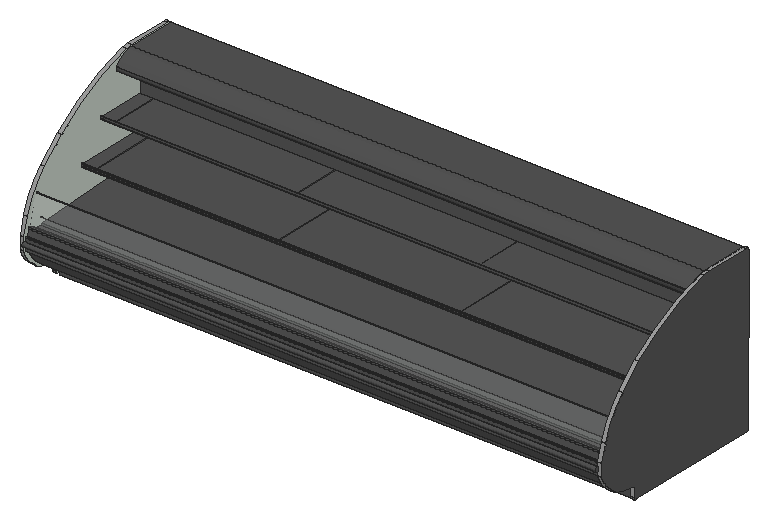
Revit family "E2S_2014", category Specialty Equipment, Revit 2014
Parameters (values of type "12'-0" Length")
  Width = 144 3/8"
  Waste Drain Location = if(Width = 48 1/8", 23 7/8", if(Width = 72 1/8", 48 1/16", if(Width = 96 1/4", 71 7/8", if(Width = 144 3/8", 72 1/4", 0"))))  # 72 1/4"
  Waste Drain = 1 1/2"  # constant formula
  URL = "www.hussmann.com"
  Type Comments = "Elite"  # constant formula
  Trim = Stainless Steel
  Total Weight = Case Weight + (2 * End Weight)  # 1300.00 lbf
  Splashguard = Textured Sheet Metal (Steel Painted) - 701 Black
  Side Panel - Right [instance] = yes
  Side Panel - Left [instance] = yes
  Shelves = Sheet Metal (Steel Painted) - 701 Black
  Shelf Lights [instance] = yes
  Shelf [instance] = yes
  Revit Family Date = "05/26/2016"  # constant formula
  Refrigeration Lines Suction = 7/8"  # constant formula
  Refrigeration Lines Liquid = 3/8"  # constant formula
  Refrig. Suction = "Suction"
  Refrig. Liquid = "Liquid"
  Number of Supports = if(Width < 50", 2, if(Width < 100", 3, 4))  # 4
  Number of Shelves = 2  # constant formula
  Note from Manufacturer = "This model only comes in 4'-0\", 6'-0\", 8'-0\", and 12'-0\" lengths."
  Model URL = "http://www.hussmann.com/en/product%20viewer/display-cases/E2,%20E3"
  Model = "E2S"  # constant formula
  Manufacturer Disclaimer = "The information in this file is not intended to be an exact representation of the corresponding Hussmann product.  Further, we reserve the right to change or revise specifications and product design in connection with any feature of our products. Such changes do not entitle the buyer to corresponding changes, improvements, additions, or replacements for equipment previously sold or shipped."  # constant formula
  Manufacturer = "Hussmann Corporation"  # constant formula
  Height = 41 3/4"  # constant formula
  Glazing = Glass
  Ends = Textured Sheet Metal (Steel Painted) - 701 Black
  End Weight = 50.00 lbf  # constant formula
  Description = "Self-Serve, Three-Level Display (2 Shelves Plus Bottom Deck)"  # constant formula
  Depth = 46 1/2"  # constant formula
  Cutsheet URL = "http://www.hussmann.com/en/Technical%20Documents/0453524_D_E2S.pdf"
  Case Weight = if(Width = 48 1/8", 600.00 lbf, if(Width = 72 1/8", 850.00 lbf, if(Width = 96 1/4", 1000.00 lbf, if(Width = 144 3/8", 1200.00 lbf, 0.00 lbf))))  # 1200.00 lbf
  Case Interior - Side Panel = Mirror
  Case Interior - Back Panel = Sheet Metal (Steel Painted) - 701 Black
  Case = Textured Sheet Metal (Steel Painted) - 701 Black
  Bumper = Extruded PVC - 701 Black
  Assembly Code = ""
  Accessories/Options = ""
Types (4): name | Width | Waste Drain Location | Total Weight | Number of Supports | Case Weight
  12'-0" Length | 144 3/8" | 72 1/4" | 1300.00 lbf | 4 | 1200.00 lbf
  8'-0" Length | 96 1/4" | 71 7/8" | 1100.00 lbf | 3 | 1000.00 lbf
  6'-0" Length | 72 1/8" | 48 1/16" | 950.00 lbf | 3 | 850.00 lbf
  4'-0" Length | 48 1/8" | 23 7/8" | 700.00 lbf | 2 | 600.00 lbf
Reference planes (in)
  plane 1 "Back": y = 0
  plane 2 "Bottom": z = 0
  plane 3 "Left": x = -77.30699
  plane 4 "Front": y = -46.5
  plane 5 "Center (Left/Right)": x = -5.11949
  plane 6: x = -78.30699
  plane 7 "Right": x = 67.06801
  plane 8: x = 68.06801
  plane 9 "Top": z = 41.75
  plane 10: z = 30
  plane 11: z = 22
Forms (in)
  Extrusion 1, solid, material "Metal - Copper"
    sketch origin (63.0625, 1.04319, 0) x (1, 0, 0) y (0, 1, 0)
      loop
        arc (-68.11949, -27.91819) -> (-68.64982, -28.13786) -> (-68.86949, -28.66819) r 0.75
        arc (-68.86949, -28.66819) -> (-68.64982, -29.19852) -> (-68.11949, -29.41819) r 0.75
        arc (-68.11949, -29.41819) -> (-67.58916, -29.19852) -> (-67.36949, -28.66819) r 0.75
        arc (-67.36949, -28.66819) -> (-67.58916, -28.13786) -> (-68.11949, -27.91819) r 0.75
      loop
        circle (-68.11949, -28.66819) r 0.7102
    from 5.423 to 2.937
  Extrusion 2, solid, material "Metal - Copper"
    sketch origin (57.40105, 5, -0.375) x (1, 0, 0) y (0, 1, 0)
      loop
        circle (0.85446, -35.75) r 0.41359
      loop
        circle (0.85446, -35.75) r 0.4375
    from 5.798 to 3.312
  Extrusion 3, solid, material "Metal - Copper"
    sketch origin (59.82608, 5, -0.375) x (1, 0, 0) y (0, 1, 0)
      loop
        circle (-0.94557, -35.75) r 0.17188
      loop
        circle (-0.94557, -35.75) r 0.1875
    from 5.798 to 3.312
  Extrusion 4, solid, material "Sheet Metal (Steel Painted) - 701 Black" <- "Shelves"
    sketch origin (-5.11949, 0, 0) x (0, 1, 0) y (0, 0, 1)
      loop
        line (-40.5277, 14.22713) -> (-40.48501, 13.41115) -> (-9.62922, 15.0257) -> (-9.67192, 15.84168) -> (-40.5277, 14.22713)
    from 72.1875 to -72.1875
  Extrusion 5, solid, material "Glass" <- "Glazing"
    sketch origin (-5.11949, 0, 0) x (0, 1, 0) y (0, 0, 1)
      loop
        line (-44.50959, 12.88862) -> (-44.1932, 14.68294)
        arc (-44.1932, 14.68294) -> (-43.27104, 18.17525) -> (-41.78034, 21.46531) r 21.62056
        arc (-41.78034, 21.46531) -> (-41.87149, 21.7867) -> (-42.19288, 21.69555) r 0.23622
        arc (-42.19288, 21.69555) -> (-43.71615, 18.3336) -> (-44.65846, 14.76498) r 22.093
        line (-44.65846, 14.76498) -> (-44.97485, 12.97066) -> (-44.50959, 12.88862)
      loop
        line (-40.8656, 13.23102) -> (-40.6156, 13.23102) -> (-40.6156, 15.60602)
        arc (-40.6156, 15.60602) -> (-40.7406, 15.73102) -> (-40.8656, 15.60602) r 0.125
        line (-40.8656, 15.60602) -> (-40.8656, 13.23102)
    from 72.1875 to -72.1875
  Extrusion 6, solid, material "Extruded PVC - 701 Black" <- "Bumper"
    sketch origin (-5.11949, 0, 0) x (0, 1, 0) y (0, 0, 1)
      loop
        arc (-45.96459, 12.30251) -> (-46.51809, 11.74901) -> (-45.96459, 11.19551) r 0.5535
        line (-45.96459, 11.19551) -> (-45.67609, 11.19551) -> (-45.67609, 12.30251) -> (-45.96459, 12.30251)
    from 72.1875 to -72.1875
  Extrusion 7, solid, material "Textured Sheet Metal (Steel Painted) - 701 Black" <- "Case"
    sketch origin (-5.11949, 0, 0) x (0, 1, 0) y (0, 0, 1)
      loop
        arc (-44.73721, 10.24862) -> (-41.75268, 5.96635) -> (-36.79912, 4.3209) r 8.279
        line (-36.79912, 4.3209) -> (-36.06134, 4.3209) -> (-36.06134, 4.38714) -> (-36.43529, 4.38714) -> (-36.43529, 4.854) -> (-33.93228, 4.854) -> (-33.93228, 5.326) -> (-33.43228, 5.326) -> (-33.43228, 5.423) -> (-10.24695, 5.423) -> (-3.25, 9.46027) -> (-3.25, 31.237) -> (-0.144, 31.237) -> (-0.144, 30.237) -> (0, 30.237) -> (0, 41.75) -> (-12.24462, 41.75)
        arc (-12.24462, 41.75) -> (-14.91678, 40.9915) -> (-17.01335, 39.16936) r 6.37988
        arc (-17.01335, 39.16936) -> (-17.05888, 39.08426) -> (-17.07827, 38.98971) r 0.335
        arc (-17.07827, 38.98971) -> (-16.89003, 38.25473) -> (-16.31141, 37.764) r 1.25
        arc (-16.31141, 37.764) -> (-16.2591, 37.78552) -> (-16.28063, 37.83784) r 0.04
        arc (-16.28063, 37.83784) -> (-16.54005, 37.98755) -> (-16.75297, 38.19823) r 1.17
        line (-16.75297, 38.19823) -> (-15.61991, 40.16107) -> (-12.19212, 40.16107) -> (-12.19212, 39.30658) -> (-11.03826, 38.15272) -> (-9.63916, 38.4634) -> (-9.36609, 32.631) -> (-9.60228, 32.631) -> (-9.60228, 11.262) -> (-38.9886, 11.262) -> (-38.9886, 12.43402) -> (-38.78944, 12.43402) -> (-38.78944, 13.23102) -> (-40.8656, 13.23102) -> (-40.8656, 13.99702) -> (-42.17486, 13.99702) -> (-42.17486, 14.06002) -> (-44.10112, 15.17215)
        arc (-44.10112, 15.17215) -> (-44.14857, 14.92781) -> (-44.1932, 14.68294) r 21.62056
        line (-44.1932, 14.68294) -> (-44.50959, 12.88862) -> (-44.97485, 12.97066) -> (-44.65846, 14.76498)
        arc (-44.65846, 14.76498) -> (-44.62227, 14.96484) -> (-44.58425, 15.16436) r 22.093
        line (-44.58425, 15.16436) -> (-44.64216, 15.17567)
        arc (-44.64216, 15.17567) -> (-44.68028, 14.97562) -> (-44.71657, 14.77522) r 22.152
        line (-44.71657, 14.77522) -> (-44.98681, 13.24262) -> (-45.58709, 13.24262)
        arc (-45.58709, 13.24262) -> (-45.65002, 13.21655) -> (-45.67609, 13.15362) r 0.089
        line (-45.67609, 13.15362) -> (-45.67609, 10.24862) -> (-44.73721, 10.24862)
    from 72.1875 to -72.1875
  Extrusion 8, solid, material "Textured Sheet Metal (Steel Painted) - 701 Black" <- "Splashguard"
    sketch origin (-5.11949, 0, 0) x (0, 1, 0) y (0, 0, 1)
      loop
        line (-34.62571, 0) -> (-34.07685, 0) -> (-34.07685, 4.28551) -> (-34.28029, 4.28551) -> (-34.28029, 4.854) -> (-34.93629, 4.854) -> (-34.93629, 4.783) -> (-34.35129, 4.783) -> (-34.35129, 4.28551) -> (-34.62571, 4.28551) -> (-34.62571, 0)
      loop
        line (-33.80428, 0) -> (-28.40228, 0) -> (-28.40228, 1.984) -> (-28.94928, 1.984) -> (-28.94928, 0.547) -> (-33.80428, 0.547) -> (-33.80428, 0)
    from 72.1875 to -72.1875
  Extrusion 9, solid, material "Stainless Steel"
    sketch origin (-5.11949, 0, 0) x (0, 1, 0) y (0, 0, 1)
      loop
        line (-7.63528, 2.173) -> (-7.63528, 2.102) -> (-6.76028, 2.102) -> (-6.76028, 0) -> (-4.36828, 0) -> (-4.36828, 2.102) -> (-3.49328, 2.102) -> (-3.49328, 2.173) -> (-4.43928, 2.173) -> (-4.43928, 0.071) -> (-6.68928, 0.071) -> (-6.68928, 2.173) -> (-7.63528, 2.173)
      loop
        line (-29.27728, 2.173) -> (-29.27728, 2.102) -> (-28.40228, 2.102) -> (-28.40228, 0) -> (-26.01028, 0) -> (-26.01028, 2.102) -> (-25.13528, 2.102) -> (-25.13528, 2.173) -> (-26.08128, 2.173) -> (-26.08128, 0.071) -> (-28.33128, 0.071) -> (-28.33128, 2.173) -> (-29.27728, 2.173)
    from 72.1875 to -72.1875
  Extrusion 10, solid, material "Textured Sheet Metal (Steel Painted) - 701 Black" <- "Ends", visible <- "Side Panel - Right"
    sketch origin (67.06801, 0, 0) x (0, 0, 1) y (0, -1, 0)
      loop
        arc (31.32439, 34.10559) -> (28.99635, 36.80722) -> (26.49505, 39.3493) r 53.99999
        arc (26.49505, 39.3493) -> (22.25376, 42.55564) -> (17.41061, 44.74949) r 24.00004
        arc (17.41061, 44.74949) -> (15.37937, 45.3433) -> (13.31627, 45.81459) r 35.37502
        line (13.31627, 45.81459) -> (10.19006, 45.81459)
        arc (10.19006, 45.81459) -> (5.65473, 42.55041) -> (3.92006, 37.23864) r 9
        line (3.92006, 37.23864) -> (3.92006, 36.1186)
        arc (3.92006, 36.1186) -> (3.77362, 35.76505) -> (3.42006, 35.6186) r 0.5
        line (3.42006, 35.6186) -> (1.06906, 35.6186)
        arc (1.06906, 35.6186) -> (0.71551, 35.47215) -> (0.56906, 35.1186) r 0.5
        line (0.56906, 35.1186) -> (0.56906, 0.2736)
        arc (0.56906, 0.2736) -> (0.71551, -0.07995) -> (1.06906, -0.2264) r 0.5
        line (1.06906, -0.2264) -> (1.56898, -0.2264) -> (40.83714, -0.2264) -> (41.33705, -0.2264)
        arc (41.33705, -0.2264) -> (41.6906, -0.07995) -> (41.83704, 0.2736) r 0.49999
        line (41.83704, 0.2736) -> (41.83704, 11.9936)
        arc (41.83704, 11.9936) -> (41.7749, 12.72493) -> (41.63229, 13.44491) r 6.62999
        arc (41.63229, 13.44491) -> (37.59552, 24.33262) -> (31.32439, 34.10559) r 53.99999
    from 1 to 0
  Extrusion 11, solid, material "Textured Sheet Metal (Steel Painted) - 701 Black" <- "Ends", visible <- "Side Panel - Left"
    sketch origin (-77.30699, 0, 0) x (0, 1, 0) y (0, 0, 1)
      loop
        arc (-34.10559, 31.32439) -> (-36.80722, 28.99635) -> (-39.3493, 26.49505) r 53.99999
        arc (-39.3493, 26.49505) -> (-42.55564, 22.25376) -> (-44.74949, 17.41061) r 24.00004
        arc (-44.74949, 17.41061) -> (-45.3433, 15.37937) -> (-45.81459, 13.31627) r 35.37502
        line (-45.81459, 13.31627) -> (-45.81459, 10.19006)
        arc (-45.81459, 10.19006) -> (-42.55041, 5.65473) -> (-37.23864, 3.92006) r 9
        line (-37.23864, 3.92006) -> (-36.1186, 3.92006)
        arc (-36.1186, 3.92006) -> (-35.76505, 3.77362) -> (-35.6186, 3.42006) r 0.5
        line (-35.6186, 3.42006) -> (-35.6186, 1.06906)
        arc (-35.6186, 1.06906) -> (-35.47215, 0.71551) -> (-35.1186, 0.56906) r 0.5
        line (-35.1186, 0.56906) -> (-0.2736, 0.56906)
        arc (-0.2736, 0.56906) -> (0.07995, 0.71551) -> (0.2264, 1.06906) r 0.5
        line (0.2264, 1.06906) -> (0.2264, 1.56898) -> (0.2264, 40.83714) -> (0.2264, 41.33705)
        arc (0.2264, 41.33705) -> (0.07995, 41.6906) -> (-0.2736, 41.83704) r 0.49999
        line (-0.2736, 41.83704) -> (-11.9936, 41.83704)
        arc (-11.9936, 41.83704) -> (-12.72493, 41.7749) -> (-13.44491, 41.63229) r 6.62999
        arc (-13.44491, 41.63229) -> (-24.33262, 37.59552) -> (-34.10559, 31.32439) r 53.99999
    from 0 to -1
  Extrusion 12, solid, material "Metal - Copper"
    sketch origin (59.82608, 5, -0.375) x (1, 0, 0) y (0, 1, 0)
      loop
        circle (-0.94557, -35.75) r 0.17188
      loop
        circle (-0.94557, -35.75) r 0.1875
    from 5.798 to 3.312
  Extrusion 13, solid, material "Sheet Metal (Steel Painted) - 701 Black" <- "Shelves", visible <- "Shelf"
    sketch origin (-77.30699, 0, 0) x (0, 1, 0) y (0, 0, 1)
      loop
        line (-21.83741, 29.38588) -> (-21.63861, 29.58468) -> (-21.67113, 29.58468) -> (-21.85367, 29.40214)
        arc (-21.85367, 29.40214) -> (-21.87002, 29.39889) -> (-21.87928, 29.41275) r 0.015
        line (-21.87928, 29.41275) -> (-21.87928, 30.058)
        arc (-21.87928, 30.058) -> (-21.81666, 30.13197) -> (-21.73337, 30.08242) r 0.075
        line (-21.73337, 30.08242) -> (-21.70589, 30.00263)
        arc (-21.70589, 30.00263) -> (-21.69203, 29.98406) -> (-21.66997, 29.977) r 0.038
        line (-21.66997, 29.977) -> (-9.83349, 29.977) -> (-9.85649, 30) -> (-21.68067, 30) -> (-21.71162, 30.0899)
        arc (-21.71162, 30.0899) -> (-21.82046, 30.15465) -> (-21.90228, 30.058) r 0.098
        line (-21.90228, 30.058) -> (-21.90228, 29.41275)
        arc (-21.90228, 29.41275) -> (-21.87882, 29.37764) -> (-21.83741, 29.38588) r 0.038
      loop
        line (-27.83741, 21.38588) -> (-27.63861, 21.58468) -> (-27.67113, 21.58468) -> (-27.85367, 21.40214)
        arc (-27.85367, 21.40214) -> (-27.87002, 21.39889) -> (-27.87928, 21.41275) r 0.015
        line (-27.87928, 21.41275) -> (-27.87928, 22.058)
        arc (-27.87928, 22.058) -> (-27.81666, 22.13197) -> (-27.73337, 22.08242) r 0.075
        line (-27.73337, 22.08242) -> (-27.70589, 22.00263)
        arc (-27.70589, 22.00263) -> (-27.69203, 21.98406) -> (-27.66997, 21.977) r 0.038
        line (-27.66997, 21.977) -> (-9.83349, 21.977) -> (-9.85649, 22) -> (-27.68067, 22) -> (-27.71162, 22.0899)
        arc (-27.71162, 22.0899) -> (-27.82046, 22.15465) -> (-27.90228, 22.058) r 0.098
        line (-27.90228, 22.058) -> (-27.90228, 21.41275)
        arc (-27.90228, 21.41275) -> (-27.87882, 21.37764) -> (-27.83741, 21.38588) r 0.038
    from 0 to 144.375
Lines and regions (in)
  reference lines
    curve 1: line (-73.80699, -46.5, 0) -> (-73.80699, 0, 0)
    curve 2: line (-5.05699, -46.5, 0) -> (-5.05699, 0, 0)
    curve 3: line (63.56801, -46.5, 0) -> (63.56801, 0, 0)
    curve 4: line (58.69301, -46.5, 0) -> (58.69301, 0, 0)
    curve 5: line (-77.30699, -27.625, 0) -> (67.06801, -27.625, 0)
    curve 6: line (67.06801, -30.75, 0) -> (-77.30699, -30.75, 0)
Dimensions and locks (in)
  equal spacing: plane 3 "Left", plane 5 "Center (Left/Right)", plane 7 "Right"
  locked: plane 6 to plane 3 "Left" at 1
  "Width": plane 3 "Left" to plane 7 "Right"
  locked: plane 3 "Left" to curve 1 at 3.5
  locked: curve 3 to plane 7 "Right" at 3.5
  "Waste Drain Location": plane 3 "Left" to curve 2
  "Depth": plane 4 "Front" to plane 1 "Back"
  locked: curve 4 to plane 7 "Right" at 8.375
  "Height": plane 9 "Top" to level
  locked: plane 1 "Back" to curve 5 at 27.625
  locked: plane 1 "Back" to curve 6 at 30.75
  locked: plane 7 "Right" to plane 8 at 1
  locked: Extrusion 1 sketch curve to Extrusion 1 sketch curve at 0.0398
  locked: Extrusion 3 sketch curve to Extrusion 3 sketch curve at 0.01562
  locked: Extrusion 2 sketch curve to Extrusion 2 sketch curve at 0.02391
  locked: Extrusion 12 sketch curve to Extrusion 12 sketch curve at 0.01562
  equal spacing: group 1, group 3, group 4, group 2  (x3)
  locked: level to plane 10 at 30
  locked: level to plane 11 at 22
  "Waste Drain": diameter of Extrusion 1 sketch curve
  "Refrigeration Lines Liquid": diameter of Extrusion 3 sketch curve
  "Refrigeration Lines Suction": diameter of Extrusion 2 sketch curve
  "Refrigeration Lines Liquid": diameter of Extrusion 12 sketch curve
  aligned and locked: plane 4 "Front" to curve 2
  aligned and locked: plane 4 "Front" to curve 3
  aligned and locked: plane 4 "Front" to curve 1
  aligned and locked: plane 3 "Left" to curve 5
  aligned and locked: plane 3 "Left" to curve 6
  aligned and locked: plane 7 "Right" to curve 6
  aligned and locked: plane 7 "Right" to curve 5
  aligned and locked: curve 6 to Extrusion 3 sketch curve  (x4)
  aligned and locked: curve 6 to Extrusion 2 sketch curve  (x4)
  aligned and locked: curve 5 to Extrusion 1 sketch curve  (x3)
  aligned and locked: curve 2 to Extrusion 1 sketch curve
  aligned and locked: curve 4 to Extrusion 3 sketch curve
  aligned and locked: curve 4 to Extrusion 2 sketch curve
  aligned and locked: Extrusion 4 to plane 3 "Left"
  aligned and locked: plane 7 "Right" to Extrusion 4
  aligned and locked: Extrusion 5 to plane 3 "Left"
  aligned and locked: plane 7 "Right" to Extrusion 5
  aligned and locked: Extrusion 6 to plane 3 "Left"
  aligned and locked: plane 7 "Right" to Extrusion 6
  aligned and locked: Extrusion 7 to plane 3 "Left"
  aligned and locked: plane 7 "Right" to Extrusion 7
  aligned and locked: Extrusion 8 to plane 3 "Left"
  aligned and locked: plane 7 "Right" to Extrusion 8
  aligned and locked: Extrusion 9 to plane 3 "Left"
  aligned and locked: plane 7 "Right" to Extrusion 9
  aligned and locked: plane 3 "Left" to nested 1
  aligned and locked: plane 3 "Left" to nested 2
  aligned and locked: plane 8 to Extrusion 10
  aligned and locked: Extrusion 10 to plane 7 "Right"
  aligned and locked: plane 6 to Extrusion 11
  aligned and locked: plane 3 "Left" to Extrusion 11
  aligned and locked: curve 1 to nested 7
  aligned and locked: curve 1 to nested 4
  aligned and locked: curve 1 to nested 3
  aligned and locked: curve 3 to nested 8
  aligned and locked: Extrusion 13 to plane 3 "Left"
  aligned and locked: plane 7 "Right" to Extrusion 13
  aligned and locked: plane 3 "Left" to nested 9
  aligned and locked: plane 3 "Left" to nested 10
Automatic sketch dimensions
  plane 4 "Front" to Extrusion 4 sketch curve = 5.9723"
  Extrusion 4 sketch curve to Extrusion 4 sketch curve = 0.0427"
  plane 1 "Back" to Extrusion 4 sketch curve = 9.67192"
  level to Extrusion 4 sketch curve = 13.41115"
  Extrusion 4 sketch curve to Extrusion 4 sketch curve = 0.81598"
  Extrusion 5 sketch curve to Extrusion 5 sketch curve = 0"  (x4)
  plane 4 "Front" to Extrusion 5 sketch curve = 1.52515"
  Extrusion 5 sketch curve to Extrusion 5 sketch curve = 81/256"
  plane 4 "Front" to Extrusion 5 sketch curve = 4.51339"
  level to Extrusion 5 sketch curve = 10.92857"
  Extrusion 5 sketch curve to Extrusion 5 sketch curve = 21/256"  (x2)
  Extrusion 5 sketch curve to Extrusion 5 sketch curve = 6.89749"
  Extrusion 5 sketch curve to Extrusion 5 sketch curve = 1/8"
  Extrusion 5 sketch curve to Extrusion 5 sketch curve = 2 3/8"
  Extrusion 5 sketch curve to Extrusion 5 sketch curve = 0.46526"
  Extrusion 5 sketch curve to Extrusion 5 sketch curve = 3.3276"
  Extrusion 5 sketch curve to Extrusion 5 sketch curve = 0.34241"
  Extrusion 5 sketch curve to Extrusion 5 sketch curve = 17.71449"
  level to Extrusion 5 sketch curve = 12.88862"
  plane 4 "Front" to Extrusion 6 sketch curve = 0.53541"
  level to Extrusion 6 sketch curve = 11.19551"
  Extrusion 6 sketch curve to Extrusion 6 sketch curve = 0.5535"
  Extrusion 6 sketch curve to Extrusion 6 sketch curve = 0.2885"
  plane 4 "Front" to Extrusion 7 sketch curve = 1.76279"
  Extrusion 7 sketch curve to Extrusion 7 sketch curve = 7.93809"
  Extrusion 7 sketch curve to Extrusion 7 sketch curve = 2.35128"
  plane 4 "Front" to Extrusion 7 sketch curve = 0.82391"
  Extrusion 7 sketch curve to Extrusion 7 sketch curve = 2.905"
  Extrusion 7 sketch curve to Extrusion 7 sketch curve = 0.089"
  Extrusion 7 sketch curve to Extrusion 7 sketch curve = 0.60029"
  Extrusion 7 sketch curve to Extrusion 7 sketch curve = 0.27024"
  Extrusion 7 sketch curve to Extrusion 7 sketch curve = 1.5326"
  level to Extrusion 7 sketch curve = 10.92857"
  Extrusion 7 sketch curve to Extrusion 7 sketch curve = 0.07441"
  Extrusion 7 sketch curve to Extrusion 7 sketch curve = 0.05791"
  Extrusion 7 sketch curve to Extrusion 7 sketch curve = 0.01131"
  Extrusion 7 sketch curve to Extrusion 7 sketch curve = 0"  (x10)
  Extrusion 7 sketch curve to Extrusion 7 sketch curve = 0.0581"
  Extrusion 7 sketch curve to Extrusion 7 sketch curve = 0.01196"
  Extrusion 7 sketch curve to Extrusion 7 sketch curve = 0.27196"
  Extrusion 7 sketch curve to Extrusion 7 sketch curve = 0.46526"  (x2)
  Extrusion 7 sketch curve to Extrusion 7 sketch curve = 0.48313"
  Extrusion 7 sketch curve to Extrusion 7 sketch curve = 2.01834"
  Extrusion 7 sketch curve to Extrusion 7 sketch curve = 0.62291"
  Extrusion 7 sketch curve to Extrusion 7 sketch curve = 1.30926"
  Extrusion 7 sketch curve to Extrusion 7 sketch curve = 0.063"
  Extrusion 7 sketch curve to Extrusion 7 sketch curve = 0.766"
  Extrusion 7 sketch curve to Extrusion 7 sketch curve = 0.797"
  Extrusion 7 sketch curve to Extrusion 7 sketch curve = 0.19916"
  Extrusion 7 sketch curve to Extrusion 7 sketch curve = 1.17202"
  plane 1 "Back" to Extrusion 7 sketch curve = 9.60228"
  Extrusion 7 sketch curve to Extrusion 7 sketch curve = 1.3991"
  Extrusion 7 sketch curve to Extrusion 7 sketch curve = 1.15386"  (x2)
  Extrusion 7 sketch curve to Extrusion 7 sketch curve = 0.8545"
  Extrusion 7 sketch curve to Extrusion 7 sketch curve = 3.42779"
  Extrusion 7 sketch curve to Extrusion 7 sketch curve = 1.13306"
  Extrusion 7 sketch curve to Extrusion 7 sketch curve = 0.92263"
  Extrusion 7 sketch curve to Extrusion 7 sketch curve = 0.71948"
  Extrusion 7 sketch curve to Extrusion 7 sketch curve = 0.47234"
  Extrusion 7 sketch curve to Extrusion 7 sketch curve = 0.01539"  (x2)
  Extrusion 7 sketch curve to Extrusion 7 sketch curve = 0.3253"
  Extrusion 7 sketch curve to Extrusion 7 sketch curve = 0.33444"
  Extrusion 7 sketch curve to Extrusion 7 sketch curve = 0.06492"
  Extrusion 7 sketch curve to Extrusion 7 sketch curve = 0.8421"
  Extrusion 7 sketch curve to plane 1 "Back" = 0"
  Extrusion 7 sketch curve to Extrusion 7 sketch curve = 2.394"
  plane 1 "Back" to Extrusion 7 sketch curve = 0.144"
  Extrusion 7 sketch curve to Extrusion 7 sketch curve = 1"
  Extrusion 7 sketch curve to Extrusion 7 sketch curve = 3.106"
  Extrusion 7 sketch curve to Extrusion 7 sketch curve = 3.36684"
  Extrusion 7 sketch curve to Extrusion 7 sketch curve = 1.0051"
  Extrusion 7 sketch curve to Extrusion 7 sketch curve = 1.80173"
  Extrusion 7 sketch curve to Extrusion 7 sketch curve = 1/2"
  Extrusion 7 sketch curve to Extrusion 7 sketch curve = 0.472"
  Extrusion 7 sketch curve to Extrusion 7 sketch curve = 3.003"
  Extrusion 7 sketch curve to Extrusion 7 sketch curve = 0.06624"
  Extrusion 7 sketch curve to Extrusion 7 sketch curve = 0.37395"
  Extrusion 7 sketch curve to Extrusion 7 sketch curve = 10.53118"
  Extrusion 7 sketch curve to Extrusion 7 sketch curve = 0.64467"
  level to Extrusion 7 sketch curve = 5.423"
  Extrusion 7 sketch curve to Extrusion 7 sketch curve = 4.03727"
  Extrusion 7 sketch curve to Extrusion 7 sketch curve = 1.877"
  Extrusion 7 sketch curve to Extrusion 7 sketch curve = 0.2362"
  Extrusion 7 sketch curve to Extrusion 7 sketch curve = 7.15068"
  Extrusion 7 sketch curve to Extrusion 7 sketch curve = 0.31068"
  Extrusion 9 sketch curve to level = 0"  (x2)
  level to Extrusion 9 sketch curve = 2.173"  (x2)
  plane 4 "Front" to Extrusion 9 sketch curve = 17.22272"
  Extrusion 9 sketch curve to Extrusion 9 sketch curve = 7/8"  (x4)
  Extrusion 9 sketch curve to Extrusion 9 sketch curve = 0.071"  (x8)
  Extrusion 9 sketch curve to Extrusion 9 sketch curve = 2 1/4"  (x2)
  plane 1 "Back" to Extrusion 9 sketch curve = 7.63528"
  level to Extrusion 9 sketch curve = 0.071"  (x2)
  Extrusion 9 sketch curve to Extrusion 9 sketch curve = 2.031"
  level to Extrusion 9 sketch curve = 2.102"
  Extrusion 8 sketch curve to level = 0"  (x2)
  level to Extrusion 8 sketch curve = 4.783"
  plane 4 "Front" to Extrusion 8 sketch curve = 11.56371"
  Extrusion 8 sketch curve to Extrusion 8 sketch curve = 0.31058"
  Extrusion 8 sketch curve to Extrusion 8 sketch curve = 0.27442"
  Extrusion 8 sketch curve to Extrusion 8 sketch curve = 0.071"  (x2)
  Extrusion 8 sketch curve to Extrusion 8 sketch curve = 0.54886"
  Extrusion 8 sketch curve to Extrusion 8 sketch curve = 0.27257"
  level to Extrusion 8 sketch curve = 0.547"
  Extrusion 8 sketch curve to Extrusion 8 sketch curve = 4.855"
  Extrusion 8 sketch curve to Extrusion 8 sketch curve = 0.547"
  Extrusion 8 sketch curve to Extrusion 8 sketch curve = 1.437"
  Extrusion 8 sketch curve to Extrusion 8 sketch curve = 0.49749"
  Extrusion 8 sketch curve to Extrusion 8 sketch curve = 0"
  Extrusion 7 sketch curve to Extrusion 7 sketch curve = 0.0525"
  plane 9 "Top" to Extrusion 7 sketch curve = 11.513"
  plane 9 "Top" to Extrusion 7 sketch curve = 6.36947"
  Extrusion 7 sketch curve to Extrusion 7 sketch curve = 2.77219"
  Extrusion 10 sketch curve to Extrusion 10 sketch curve = 0.00002"  (x2)
  plane 1 "Back" to Extrusion 10 sketch curve = 0.22512"
  Extrusion 10 sketch curve to level = 10.72454"
  level to Extrusion 10 sketch curve = 0.56906"
  Extrusion 10 sketch curve to Extrusion 10 sketch curve = 1/2"  (x3)
  Extrusion 10 sketch curve to plane 1 "Back" = 0.2264"
  Extrusion 10 sketch curve to Extrusion 10 sketch curve = 0.49992"
  Extrusion 10 sketch curve to Extrusion 10 sketch curve = 2.351"
  level to Extrusion 10 sketch curve = 6.4733"
  level to Extrusion 10 sketch curve = 9.99024"
  plane 4 "Front" to Extrusion 10 sketch curve = 0.68541"
  level to Extrusion 10 sketch curve = 10.19006"
  Extrusion 10 sketch curve to Extrusion 10 sketch curve = 2.73"
  Extrusion 10 sketch curve to Extrusion 10 sketch curve = 3.12621"
  plane 9 "Top" to Extrusion 10 sketch curve = 6.54008"
  plane 9 "Top" to Extrusion 10 sketch curve = 0.91286"
  plane 1 "Back" to Extrusion 10 sketch curve = 0.2736"
  plane 9 "Top" to Extrusion 10 sketch curve = 0.41295"
  plane 1 "Back" to Extrusion 10 sketch curve = 11.10774"
  plane 1 "Back" to Extrusion 10 sketch curve = 11.79874"
  Extrusion 10 sketch curve to Extrusion 10 sketch curve = 0.19485"
  Extrusion 10 sketch curve to Extrusion 10 sketch curve = 10.81764"
  Extrusion 10 sketch curve to Extrusion 10 sketch curve = 2.12004"
  plane 4 "Front" to Extrusion 10 sketch curve = 1.75051"
  plane 4 "Front" to Extrusion 10 sketch curve = 7.1507"
  Extrusion 10 sketch curve to Extrusion 10 sketch curve = 4.82934"
  plane 4 "Front" to Extrusion 11 sketch curve = 0.68541"
  Extrusion 11 sketch curve to Extrusion 11 sketch curve = 8.57596"
  Extrusion 11 sketch curve to Extrusion 11 sketch curve = 1.12004"
  level to Extrusion 11 sketch curve = 1.06906"
  Extrusion 11 sketch curve to Extrusion 11 sketch curve = 1/2"
  level to Extrusion 11 sketch curve = 0.56906"
  Extrusion 11 sketch curve to Extrusion 11 sketch curve = 13.69322"
  Extrusion 11 sketch curve to plane 9 "Top" = 0.08704"
  plane 1 "Back" to Extrusion 11 sketch curve = 11.9936"
  Extrusion 11 sketch curve to Extrusion 11 sketch curve = 0.19485"
  level to Extrusion 11 sketch curve = 6.4733"
  plane 1 "Back" to Extrusion 11 sketch curve = 11.10774"
  plane 1 "Back" to Extrusion 11 sketch curve = 0.2736"  (x2)
  plane 1 "Back" to Extrusion 11 sketch curve = 0.22512"
  Extrusion 11 sketch curve to Extrusion 11 sketch curve = 0.00002"  (x2)
  Extrusion 11 sketch curve to plane 1 "Back" = 0.2264"
  Extrusion 11 sketch curve to level = 10.72452"
  Extrusion 11 sketch curve to Extrusion 11 sketch curve = 0.49992"
  Extrusion 11 sketch curve to Extrusion 11 sketch curve = 2.351"
  level to Extrusion 11 sketch curve = 9.99024"
  level to Extrusion 11 sketch curve = 10.19006"
  Extrusion 11 sketch curve to Extrusion 11 sketch curve = 3.12621"
  plane 9 "Top" to Extrusion 11 sketch curve = 6.54008"
  Extrusion 11 sketch curve to Extrusion 11 sketch curve = 0.49991"
  Extrusion 11 sketch curve to Extrusion 11 sketch curve = 0"
  plane 4 "Front" to Extrusion 11 sketch curve = 7.1507"
  Extrusion 11 sketch curve to Extrusion 11 sketch curve = 5.24371"
  Extrusion 13 sketch curve to Extrusion 13 sketch curve = 0"  (x8)
  plane 4 "Front" to Extrusion 13 sketch curve = 18.59772"
  Extrusion 13 sketch curve to Extrusion 13 sketch curve = 0.023"  (x5)
  Extrusion 13 sketch curve to Extrusion 13 sketch curve = 0.015"  (x3)
  Extrusion 13 sketch curve to Extrusion 13 sketch curve = 0.01061"  (x2)
  Extrusion 13 sketch curve to Extrusion 13 sketch curve = 0.01626"
  Extrusion 13 sketch curve to Extrusion 13 sketch curve = 0.075"  (x2)
  plane 9 "Top" to Extrusion 13 sketch curve = 19.66758"
  Extrusion 13 sketch curve to Extrusion 13 sketch curve = 0.07091"
  plane 9 "Top" to Extrusion 13 sketch curve = 19.6601"
  Extrusion 13 sketch curve to Extrusion 13 sketch curve = 0.02747"  (x2)
  Extrusion 13 sketch curve to Extrusion 13 sketch curve = 0.02523"  (x2)
  Extrusion 13 sketch curve to Extrusion 13 sketch curve = 0.18254"  (x3)
  Extrusion 13 sketch curve to Extrusion 13 sketch curve = 0.0107"  (x2)
  Extrusion 13 sketch curve to Extrusion 13 sketch curve = 0.03253"  (x2)
  plane 9 "Top" to Extrusion 13 sketch curve = 11.692"
  Extrusion 13 sketch curve to Extrusion 13 sketch curve = 5.80934"
  plane 9 "Top" to Extrusion 13 sketch curve = 12.34786"
  plane 9 "Top" to Extrusion 13 sketch curve = 12.36412"
  plane 9 "Top" to Extrusion 13 sketch curve = 11.66758"
  plane 9 "Top" to Extrusion 13 sketch curve = 11.6601"
  plane 9 "Top" to Extrusion 13 sketch curve = 11.74737"
  plane 1 "Back" to Extrusion 13 sketch curve = 9.85649"  (x2)
  Extrusion 13 sketch curve to Extrusion 13 sketch curve = 0.0749"
  Extrusion 13 sketch curve to Extrusion 13 sketch curve = 0.01237"
  Extrusion 13 sketch curve to Extrusion 13 sketch curve = 0.39232"
  Extrusion 13 sketch curve to Extrusion 13 sketch curve = 0.17193"
  Extrusion 13 sketch curve to Extrusion 13 sketch curve = 0.02563"
  Extrusion 1 sketch curve to Extrusion 1 sketch curve = 0"  (x2)
  Extrusion 2 sketch curve to Extrusion 2 sketch curve = 0"
  Extrusion 3 sketch curve to Extrusion 3 sketch curve = 0"
  curve 4 to plane 4 "Front" = 0"
  plane 1 "Back" to curve 4 = 0"
  plane 1 "Back" to curve 1 = 0"
  plane 1 "Back" to curve 3 = 0"
  plane 1 "Back" to curve 2 = 0"
  Extrusion 12 sketch curve to Extrusion 12 sketch curve = 0"  (x2)
  Extrusion 12 sketch curve to plane 7 "Right" = 8 3/16"
  plane 4 "Front" to Extrusion 12 sketch curve = 15 3/4"
Nested families (in)
  nested 1: "Light" at (-5.30699, -6.42449, -12.33893), type "Light"
    with Length 144 3/8"
  nested 2: "Light" at (-5.30699, -4.42449, -12.33893), type "Light"
    with Length 144 3/8"
  nested 3: "Shelf - E Series" at (-73.93199, -9.60228, 17.08109), visible <- "Shelf", type "18""
    with Depth 18"
  nested 4: "Shelf - E Series" at (-73.93199, -9.60228, 25.08109), visible <- "Shelf", type "12""
  nested 5: "Shelf - E Series" at (63.44301, -9.60228, 17.08109), visible <- "Shelf", type "18""
    with Depth 18"
  nested 6: "Shelf - E Series" at (63.44301, -9.60228, 25.08109), visible <- "Shelf", type "12""
  nested 7: "Cross Member - E Series" at (-72.3125, 0.34772, 0), type "Cross Member - E Series"
  nested 8: "Cross Member - E Series" at (65.0625, 0.34772, 0), type "Cross Member - E Series"
  nested 9: "Light" at (-5.30699, -11.97829, -23.0215), visible <- "Shelf Lights", type "Light"
    with Length 144 3/8"
  nested 10: "Light" at (-5.30699, -17.97829, -31.0215), visible <- "Shelf Lights", type "Light"
    with Length 144 3/8"
  nested 11: "Shelf - E Series" at (-28.14032, -9.60228, 17.08109), visible <- "Shelf", type "18""
    with Depth 18"
  nested 12: "Shelf - E Series" at (-28.14032, -9.60228, 25.08109), visible <- "Shelf", type "12""
  nested 13: "Cross Member - E Series" at (-26.52083, 0.34772, 0), type "Cross Member - E Series"
  nested 14: "Shelf - E Series" at (17.65135, -9.60228, 17.08109), visible <- "Shelf", type "18""
    with Depth 18"
  nested 15: "Shelf - E Series" at (17.65135, -9.60228, 25.08109), visible <- "Shelf", type "12""
  nested 16: "Cross Member - E Series" at (19.27083, 0.34772, 0), type "Cross Member - E Series"
Connectors (in)
  piping at (-5.05699, -27.625, 2.937), diameter 1.5, driven by "Waste Drain"
    settings: on Extrusion 1, index 8, connector inside diameter 1 1/4", connector length 0", flow factor 0, pipe flow 0 GPM, pressure drop 0.00 psi, fitting loss kfactor 0, connector angle 0.00°, fixture units 0, engagement length 0", angle of deflection 0.00°, flow configuration 0, flow direction 0, fitting loss method 0, system type 16, joint type 0, gender type 0, connector reference index -1, connector utility 0, adjustable connector no, is connector primary yes, connector description "1 1/4\""
  piping at (58.25551, -30.75, 2.937), diameter 0.875, driven by "Refrig. Suction", driven by "Refrigeration Lines Suction"
    settings: on Extrusion 2, index 9, connector inside diameter 7/8", connector length 0", flow factor 0, pipe flow 0 GPM, pressure drop 0.00 psi, fitting loss kfactor 0, connector angle 0.00°, fixture units 0, engagement length 0", angle of deflection 0.00°, flow configuration 0, flow direction 2, fitting loss method 0, system type 22, joint type 0, gender type 0, connector reference index -1, connector utility 0, adjustable connector no, is connector primary no, connector description "Suction"
  piping at (58.88051, -30.75, 2.937), diameter 0.375, driven by "Refrig. Liquid", driven by "Refrigeration Lines Liquid"
    settings: on Extrusion 3, index 10, connector inside diameter 3/8", connector length 0", flow factor 0, pipe flow 0 GPM, pressure drop 0.00 psi, fitting loss kfactor 0, connector angle 0.00°, fixture units 0, engagement length 0", angle of deflection 0.00°, flow configuration 0, flow direction 1, fitting loss method 0, system type 22, joint type 0, gender type 0, connector reference index -1, connector utility 0, adjustable connector no, is connector primary no, connector description "Liquid"
Definition of nested family "Shelf - E Series"
  Parameters (values of type "18"")
    Width = 1/4"
    Shelf Bracket = Sheet Metal (Steel Painted) - 701 Black
    Height = 4.89591"
    Depth = 12"
  Types (2): name
    18"
    12"
  Reference planes (in)
    plane 1 "Back": y = 0
    plane 2: z = 0
    plane 3 "Left": x = 0
    plane 4 "Front": y = -12
    plane 5 "Right": x = 0.25
    plane 6: z = 4.89591
    plane 7 "Center (Left/Right)": x = 0.125
  Forms (in)
    Extrusion 1, solid, material "Sheet Metal (Steel Painted) - 701 Black" <- "Shelf Bracket"
      sketch origin (0, 0, 0) x (0, 1, 0) y (0, 0, 1)
        loop
          line (0.07326, 0.26836) -> (0.18143, 0.26875)
          arc (0.18143, 0.26875) -> (0.3025, 0.36199) -> (0.24317, 0.50282) r 0.12517
          line (0.24317, 0.50282) -> (-0.04494, 0.66605)
          arc (-0.04494, 0.66605) -> (-0.07187, 0.69679) -> (-0.07382, 0.7376) r 0.062
          line (-0.07382, 0.7376) -> (0.10406, 1.33811) -> (0.09305, 2.59922) -> (0.01772, 3.20416)
          arc (0.01772, 3.20416) -> (0.03288, 3.25348) -> (0.07981, 3.27494) r 0.063
          line (0.07981, 3.27494) -> (0.15806, 3.27547) -> (0.15929, 3.09434) -> (0.56271, 3.06679) -> (0.68212, 3.03122) -> (0.63408, 2.86666) -> (1.2983, 2.73359) -> (1.40516, 2.66752) -> (1.32096, 2.53134) -> (1.94726, 2.21454) -> (2.03229, 2.12435) -> (1.91623, 2.01494)
          arc (1.91623, 2.01494) -> (2.32601, 2.00181) -> (2.34025, 2.41156) r 0.2903
          arc (2.34025, 2.41156) -> (1.62913, 3.00885) -> (0.79406, 3.41517) r 3.78823
          arc (0.79406, 3.41517) -> (0.76115, 3.40549) -> (0.74067, 3.43301) r 0.03
          arc (0.74067, 3.43301) -> (0.42541, 3.52091) -> (0.10373, 3.58126) r 3.78823
          arc (0.10373, 3.58126) -> (0.02969, 3.62316) -> (-0.00038, 3.70274) r 0.125
          line (-0.00038, 3.70274) -> (-0.01867, 4.21036)
          arc (-0.01867, 4.21036) -> (-0.00134, 4.25606) -> (0.04347, 4.27562) r 0.063
          line (0.04347, 4.27562) -> (0.14916, 4.277) -> (0.15148, 4.09933) -> (0.8496, 4.03037) -> (0.96839, 3.99481) -> (0.92223, 3.84061) -> (1.16715, 3.78222)
          arc (1.16715, 3.78222) -> (1.31884, 3.92198) -> (1.24674, 4.11523) r 0.18489
          arc (1.24674, 4.11523) -> (0.5579, 4.49791) -> (-0.2, 4.71364) r 3.43695
          arc (-0.2, 4.71364) -> (-0.21607, 4.71919) -> (-0.23121, 4.72694) r 0.121
          line (-0.23121, 4.72694) -> (-0.23121, 4.89591) -> (-12, 4.89591) -> (-12, 4.52233)
          spline (-12, 4.52233) -> (-11.99893, 4.50603) -> (-11.99574, 4.49) -> (-11.99049, 4.47453) -> (-11.98325, 4.45987) -> (-11.97417, 4.44628) -> (-11.96339, 4.434) -> (-11.9511, 4.42322) -> (-11.9375, 4.41415) -> (-11.92284, 4.40692) -> (-11.90735, 4.40167) -> (-11.89132, 4.39848) -> (-11.875, 4.39741)
          line (-11.875, 4.39741) -> (-10.09303, 4.39741)
          spline (-10.09303, 4.39741) -> (-10.07672, 4.39634) -> (-10.06068, 4.39315) -> (-10.0452, 4.3879) -> (-10.03053, 4.38067) -> (-10.01694, 4.37159) -> (-10.00465, 4.36082) -> (-9.99387, 4.34853) -> (-9.98478, 4.33495) -> (-9.97755, 4.32029) -> (-9.9723, 4.30482) -> (-9.96911, 4.28879) -> (-9.96804, 4.27249)
          line (-9.96804, 4.27249) -> (-9.96804, 3.92271)
          spline (-9.96804, 3.92271) -> (-9.96697, 3.9064) -> (-9.96378, 3.89037) -> (-9.95852, 3.8749) -> (-9.95129, 3.86025) -> (-9.94221, 3.84666) -> (-9.93142, 3.83437) -> (-9.91913, 3.8236) -> (-9.90554, 3.81452) -> (-9.89087, 3.80729) -> (-9.87539, 3.80204) -> (-9.85935, 3.79885) -> (-9.84304, 3.79779)
          line (-9.84304, 3.79779) -> (-3.71618, 3.79779)
          arc (-3.71618, 3.79779) -> (-2.98005, 3.43429) -> (-2.45199, 2.80567) r 1.99996
          line (-2.45199, 2.80567) -> (-1.47212, 0.97726)
          arc (-1.47212, 0.97726) -> (-1.05125, 0.43902) -> (-0.47377, 0.07386) r 1.99996
          line (-0.47377, 0.07386) -> (-0.29521, 0) -> (-0.24369, 0.17221) -> (0.07446, 0.09812) -> (0.07326, 0.26836)
      from 0 to 0.25
  Dimensions and locks (in)
    "Depth": plane 4 "Front" to plane 1 "Back"
    locked: Extrusion 1 sketch curve to plane 1 "Back" at 3.71618
    locked: plane 4 "Front" to Extrusion 1 sketch curve at 2.03196
    "Width": plane 5 "Right" to plane 3 "Left"
    "Height": plane 6 to level
    equal spacing: plane 3 "Left", plane 7 "Center (Left/Right)", plane 5 "Right"
    aligned and locked: plane 2 to level
    aligned and locked: Extrusion 1 to plane 3 "Left"
    aligned and locked: plane 5 "Right" to Extrusion 1
    aligned and locked: Extrusion 1 sketch curve to plane 4 "Front"
  Automatic sketch dimensions
    Extrusion 1 sketch curve to Extrusion 1 sketch curve = 0"  (x2)
    Extrusion 1 sketch curve to level = 0"
    Extrusion 1 sketch curve to plane 4 "Front" = 1/8"
    Extrusion 1 sketch curve to Extrusion 1 sketch curve = 1/8"  (x2)
    Extrusion 1 sketch curve to Extrusion 1 sketch curve = 0.49859"
    Extrusion 1 sketch curve to Extrusion 1 sketch curve = 1.26419"
    plane 1 "Back" to Extrusion 1 sketch curve = 1.47212"
    plane 1 "Back" to Extrusion 1 sketch curve = 0.75578"
    level to Extrusion 1 sketch curve = 0.07386"
    plane 1 "Back" to Extrusion 1 sketch curve = 0.47377"
    Extrusion 1 sketch curve to Extrusion 1 sketch curve = 0.0404"
    Extrusion 1 sketch curve to Extrusion 1 sketch curve = 0.17856"
    Extrusion 1 sketch curve to Extrusion 1 sketch curve = 0.05152"
    plane 1 "Back" to Extrusion 1 sketch curve = 0.07382"
    plane 1 "Back" to Extrusion 1 sketch curve = 0.04494"
    plane 1 "Back" to Extrusion 1 sketch curve = 0.01867"
    plane 1 "Back" to Extrusion 1 sketch curve = 0.01438"
    plane 1 "Back" to Extrusion 1 sketch curve = 0.00038"
    Extrusion 1 sketch curve to plane 1 "Back" = 0.01772"
    Extrusion 1 sketch curve to plane 1 "Back" = 0.04347"
    Extrusion 1 sketch curve to plane 1 "Back" = 0.04429"
    Extrusion 1 sketch curve to plane 1 "Back" = 0.07326"
    Extrusion 1 sketch curve to plane 1 "Back" = 0.07446"
    Extrusion 1 sketch curve to plane 1 "Back" = 0.07981"
    Extrusion 1 sketch curve to Extrusion 1 sketch curve = 1/16"
    Extrusion 1 sketch curve to plane 1 "Back" = 0.09305"
    Extrusion 1 sketch curve to plane 1 "Back" = 0.10406"
    Extrusion 1 sketch curve to plane 1 "Back" = 0.1246"
    Extrusion 1 sketch curve to Extrusion 1 sketch curve = 0.10569"
    Extrusion 1 sketch curve to plane 1 "Back" = 0.15148"
    Extrusion 1 sketch curve to Extrusion 1 sketch curve = 0.07825"
    Extrusion 1 sketch curve to Extrusion 1 sketch curve = 0.07905"
    Extrusion 1 sketch curve to Extrusion 1 sketch curve = 0.10816"
    Extrusion 1 sketch curve to Extrusion 1 sketch curve = 0.00004"
    Extrusion 1 sketch curve to Extrusion 1 sketch curve = 0.0617"
    Extrusion 1 sketch curve to plane 1 "Back" = 0.29066"
    Extrusion 1 sketch curve to Extrusion 1 sketch curve = 0.40342"
    Extrusion 1 sketch curve to Extrusion 1 sketch curve = 0.07136"
    Extrusion 1 sketch curve to Extrusion 1 sketch curve = 0.11941"
    Extrusion 1 sketch curve to Extrusion 1 sketch curve = 0.08854"
    Extrusion 1 sketch curve to Extrusion 1 sketch curve = 0.07895"
    Extrusion 1 sketch curve to Extrusion 1 sketch curve = 0.07263"
    Extrusion 1 sketch curve to Extrusion 1 sketch curve = 0.11879"
    Extrusion 1 sketch curve to Extrusion 1 sketch curve = 0.17062"
    Extrusion 1 sketch curve to Extrusion 1 sketch curve = 0.02814"
    Extrusion 1 sketch curve to Extrusion 1 sketch curve = 0.66423"
    Extrusion 1 sketch curve to Extrusion 1 sketch curve = 0.02266"
    Extrusion 1 sketch curve to Extrusion 1 sketch curve = 0.10686"
    Extrusion 1 sketch curve to Extrusion 1 sketch curve = 0.59526"
    Extrusion 1 sketch curve to Extrusion 1 sketch curve = 0.03103"
    Extrusion 1 sketch curve to Extrusion 1 sketch curve = 0.08503"
    Extrusion 1 sketch curve to Extrusion 1 sketch curve = 0.09542"
    Extrusion 1 sketch curve to level = 0.16869"
    level to Extrusion 1 sketch curve = 0.09812"
    level to Extrusion 1 sketch curve = 0.17221"
    Extrusion 1 sketch curve to Extrusion 1 sketch curve = 0.17024"
    Extrusion 1 sketch curve to Extrusion 1 sketch curve = 0.00039"
    Extrusion 1 sketch curve to Extrusion 1 sketch curve = 0.12517"
    Extrusion 1 sketch curve to Extrusion 1 sketch curve = 0.16323"
    Extrusion 1 sketch curve to Extrusion 1 sketch curve = 0.05394"
    level to Extrusion 1 sketch curve = 0.97726"
    Extrusion 1 sketch curve to Extrusion 1 sketch curve = 0.34466"
    Extrusion 1 sketch curve to Extrusion 1 sketch curve = 0.58386"
    level to Extrusion 1 sketch curve = 1.86097"
    Extrusion 1 sketch curve to Extrusion 1 sketch curve = 0.09298"
    Extrusion 1 sketch curve to Extrusion 1 sketch curve = 0.1094"
    Extrusion 1 sketch curve to Extrusion 1 sketch curve = 0.08948"
    Extrusion 1 sketch curve to Extrusion 1 sketch curve = 0.09019"
    Extrusion 1 sketch curve to Extrusion 1 sketch curve = 0.3168"
    Extrusion 1 sketch curve to Extrusion 1 sketch curve = 0.67726"
    Extrusion 1 sketch curve to Extrusion 1 sketch curve = 0.13618"
    Extrusion 1 sketch curve to Extrusion 1 sketch curve = 0.06608"
    Extrusion 1 sketch curve to Extrusion 1 sketch curve = 0.9447"
    Extrusion 1 sketch curve to Extrusion 1 sketch curve = 0.26744"
    Extrusion 1 sketch curve to Extrusion 1 sketch curve = 0.16455"
    Extrusion 1 sketch curve to Extrusion 1 sketch curve = 0.03558"
    Extrusion 1 sketch curve to Extrusion 1 sketch curve = 0.02755"
    Extrusion 1 sketch curve to Extrusion 1 sketch curve = 0.10981"
    Extrusion 1 sketch curve to Extrusion 1 sketch curve = 0.00778"
    Extrusion 1 sketch curve to Extrusion 1 sketch curve = 0.40272"
    Extrusion 1 sketch curve to Extrusion 1 sketch curve = 0.4278"
    Extrusion 1 sketch curve to Extrusion 1 sketch curve = 0.00177"
    Extrusion 1 sketch curve to Extrusion 1 sketch curve = 0.34828"
    Extrusion 1 sketch curve to Extrusion 1 sketch curve = 0.0584"
    Extrusion 1 sketch curve to Extrusion 1 sketch curve = 0.18274"
    Extrusion 1 sketch curve to Extrusion 1 sketch curve = 0.15419"
    Extrusion 1 sketch curve to Extrusion 1 sketch curve = 0.03556"
    Extrusion 1 sketch curve to Extrusion 1 sketch curve = 0.39482"
    Extrusion 1 sketch curve to Extrusion 1 sketch curve = 0.11103"
    Extrusion 1 sketch curve to Extrusion 1 sketch curve = 0.00227"
    Extrusion 1 sketch curve to Extrusion 1 sketch curve = 0.4747"
    Extrusion 1 sketch curve to Extrusion 1 sketch curve = 0.0312"
    Extrusion 1 sketch curve to plane 1 "Back" = 0.10373"
    Extrusion 1 sketch curve to Extrusion 1 sketch curve = 0.02999"
    Extrusion 1 sketch curve to Extrusion 1 sketch curve = 0.0234"
    Extrusion 1 sketch curve to Extrusion 1 sketch curve = 0.12492"  (x3)
    Extrusion 1 sketch curve to plane 6 = 0"
    plane 1 "Back" to Extrusion 1 sketch curve = 0.23121"
    Extrusion 1 sketch curve to Extrusion 1 sketch curve = 0.06258"
    Extrusion 1 sketch curve to Extrusion 1 sketch curve = 0.16897"
    Extrusion 1 sketch curve to plane 6 = 0.06541"
Definition of nested family "Cross Member - E Series"
  Parameters (values of type "Cross Member - E Series")
    Width = 1 1/2"
    URL = "www.hussmann.com"
    Type Comments = ""
    Revit Family Date = "06/25/2015"
    Model = ""
    Manufacturer = "Hussmann Corporation"
    Height = 29.392"
    Floor Support = none
    Description = ""
    Depth = 29.27728"
    Assembly Code = ""
    Accessories/Options = ""
  Reference planes (in)
    plane 1 "Back": y = -0.34772
    plane 2 "Bottom": z = 0
    plane 3 "Top": z = 29.392
    plane 4 "Left": x = -2.24449
    plane 5 "Right": x = -0.74449
    plane 6 "Front": y = -29.625
    plane 7 "Center (Left/Right)": x = -1.49449
    plane 8: z = 2.173
  Forms (in)
    Extrusion 1, solid, material <- "Floor Support"
      sketch origin (-1.49449, 0, 0) x (0, 1, 0) y (0, 0, 1)
        loop
          line (-0.34772, 2.173) -> (-0.34772, 29.392) -> (-3.59772, 29.392) -> (-3.59772, 5.423) -> (-29.625, 5.423) -> (-29.625, 2.173) -> (-0.34772, 2.173)
      from -0.75 to 0.75
  Dimensions and locks (in)
    equal spacing: plane 4 "Left", plane 7 "Center (Left/Right)", plane 5 "Right"
    "Width": plane 4 "Left" to plane 5 "Right"
    "Depth": plane 6 "Front" to plane 1 "Back"
    "Height": plane 3 "Top" to level
    locked: plane 8 to level at 2.173
    locked: plane 8 to Extrusion 1 sketch curve at 3.25
    locked: plane 1 "Back" to Extrusion 1 sketch curve at 3.25
    aligned and locked: plane 8 to Extrusion 1  (x2)
    aligned and locked: Extrusion 1 to plane 1 "Back"  (x2)
    aligned and locked: Extrusion 1 to plane 6 "Front"  (x2)
    aligned and locked: Extrusion 1 to plane 4 "Left"
    aligned and locked: plane 5 "Right" to Extrusion 1
    aligned and locked: plane 3 "Top" to Extrusion 1 sketch curve
    aligned and locked: Extrusion 1 to plane 3 "Top"
  Automatic sketch dimensions
    Extrusion 1 sketch curve to plane 6 "Front" = 0"
    Extrusion 1 sketch curve to plane 1 "Back" = 0"
    plane 8 to Extrusion 1 sketch curve = 0"
Definition of nested family "Light"
  Parameters (values of type "Light")
    Wattage = 16.1571 W
    built-in parameter 1150110 = 1 (stored number, unit not read)
    built-in parameter 1114217 = 1 (stored number, unit not read)
    built-in parameter 1150109 = 1 (stored number, unit not read)
    built-in parameter 1150134 = (empty or 0)
    built-in parameter 1150113 = 1 (stored number, unit not read)
    Lumens = 2400 lm
    built-in parameter 1150115 = 1 (stored number, unit not read)
    built-in parameter 1150105 = 763.94 (stored number, unit not read)
    Light Source Symbol Size = 24"
    built-in parameter 1150137 = (empty or 0)
    built-in parameter 1150139 = (empty or 0)
    Lense = none
    Length = 144"
    built-in parameter 1150112 = 1 (stored number, unit not read)
    built-in parameter 1150114 = 1 (stored number, unit not read)
    built-in parameter 1150132 = 2
    built-in parameter 1150102 = (empty or 0)
    built-in parameter 1150138 = (empty or 0)
    built-in parameter 1150107 = 6100 (stored number, unit not read)
    built-in parameter 1150106 = 7.6394 (stored number, unit not read)
    Emit from Line Length = Length  # 144"
    built-in parameter 1150104 = 13.8 (stored number, unit not read)
    Dimming Lamp Color Temperature Shift = (empty or 0)
    Color Filter = 16777215
    Casing = none
    built-in parameter 1114218 = 1 (stored number, unit not read)
    built-in parameter 1150133 = 10 (stored number, unit not read)
  Reference planes (in)
    plane 1 "Light Source Axis (F/B)": y = -8.60801
    plane 2: z = 0
    plane 3 "Light Source Axis (L/R)": x = 0
    plane 4 "Light Source Elevation": z = 52.5
    plane 5: z = 0
    plane 6 "Left": x = -72
    plane 7 "Right": x = 72
  Lines and regions (in)
    model lines
      curve 1: line (-72, -8.60801, 52.5) -> (72, -8.60801, 52.5)
  Dimensions and locks (in)
    equal spacing: plane 7 "Right", plane 3 "Light Source Axis (L/R)", plane 6 "Left"
    "Length": plane 7 "Right" to plane 6 "Left"
    aligned and locked: plane 3 "Light Source Axis (L/R)" to imposter light
    aligned and locked: plane 1 "Light Source Axis (F/B)" to imposter light
    aligned and locked: plane 4 "Light Source Elevation" to imposter light
    aligned and locked: level to plane 5
  Automatic sketch dimensions
    plane 1 "Light Source Axis (F/B)" to curve 1 = 0"
    curve 1 to plane 6 "Left" = 0"
    curve 1 to plane 7 "Right" = 0"
